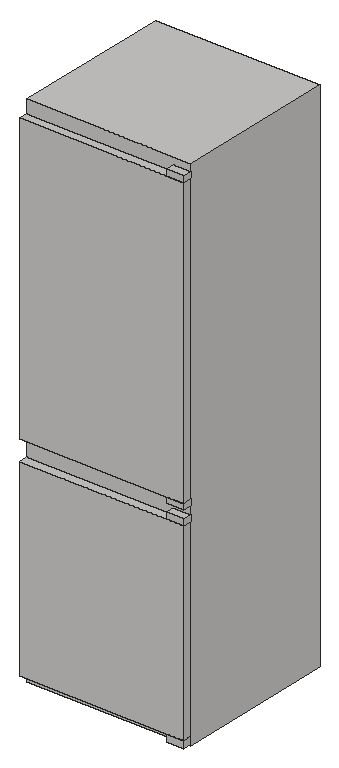
Revit family "RB280704", category Generic Models, Revit 2014
Parameters (values of type "RB280704")
  Width = 558 mm
  URL = "http://www.gaggenau.com."
  Model = "RB280704"
  Manufacturer = "Gaggenau"
  Height = 1772 mm
  Handle = Metal Panel
  Fridge = Metal Panel
  Door = Metal Panel
  Description = "Gaggenau 200 Series 24\" two-door bottom-mount freezer, fully integrated, Home Connect"
  Depth = 545 mm
Reference planes
  plane 1 "Center (Front/Back)": y = 0
  plane 2: z = 0
  plane 3 "Center (Left/Right)": x = 0
  plane 4: y = -419
  plane 5: y = -545
  plane 6: z = 731
  plane 7: z = 703
  plane 8: z = 6
  plane 9: z = 1747
  plane 10: z = 1772
Forms (mm)
  Extrusion 1, solid, material "Metal Panel" <- "Fridge"
    sketch origin (0, 0, 0) x (0, 1, 0) y (0, 0, 1)
      loop
        line (0, 1772) -> (-545, 1772) -> (-545, 0) -> (0, 0) -> (0, 1772)
    from -279 to 279
  Extrusion 2, solid, material "Metal Panel" <- "Fridge"
    sketch origin (0, -20, 0) x (1, 0, 0) y (0, 0, 1)
      loop
        line (-279, 30) -> (279, 30) -> (279, 683) -> (-279, 683) -> (-279, 30)
      loop
        line (-279, 1727) -> (-279, 751) -> (279, 751) -> (279, 1727) -> (-279, 1727)
    from 525 to 555
  Extrusion 3, solid, material "Metal Panel" <- "Fridge"
    sketch origin (0, 0, 0) x (1, 0, 0) y (0, 0, 1)
      loop
        line (279, 6) -> (279, 30) -> (219, 30) -> (219, 6) -> (279, 6)
      loop
        line (279, 683) -> (279, 703) -> (219, 703) -> (219, 683) -> (279, 683)
      loop
        line (279, 731) -> (279, 751) -> (219, 751) -> (219, 731) -> (279, 731)
      loop
        line (279, 1727) -> (279, 1747) -> (219, 1747) -> (219, 1727) -> (279, 1727)
    from 545 to 575
Dimensions and locks
  "Depth": plane 1 "Center (Front/Back)" to plane 5
  plane 6 to level = 731 mm
  plane 7 to level = 703 mm
  plane 7 to plane 8 = 697 mm
  plane 9 to plane 6 = 1016 mm
  plane 1 "Center (Front/Back)" to plane 5 = 545 mm
  plane 10 to level = 1772 mm
  plane 7 to Extrusion 2 sketch curve = 20 mm
  Extrusion 2 sketch curve to plane 6 = 20 mm
  aligned and locked: level to plane 2
  aligned and locked: plane 5 to Extrusion 1 sketch curve
Automatic sketch dimensions
  Extrusion 1 sketch curve to level = 0 mm
  Extrusion 1 sketch curve to plane 1 "Center (Front/Back)" = 0 mm
  plane 9 to Extrusion 1 sketch curve = 25 mm
  Extrusion 3 sketch curve to plane 9 = 0 mm
  Extrusion 3 sketch curve to plane 6 = 0 mm
  Extrusion 3 sketch curve to plane 7 = 0 mm
  plane 3 "Center (Left/Right)" to Extrusion 3 sketch curve = 219 mm  (x3)
  plane 8 to Extrusion 3 sketch curve = 0 mm
  plane 6 to Extrusion 3 sketch curve = 20 mm
  Extrusion 3 sketch curve to plane 7 = 20 mm
  Extrusion 3 sketch curve to Extrusion 3 sketch curve = 0 mm  (x2)
  Extrusion 3 sketch curve to Extrusion 3 sketch curve = 60 mm  (x3)
  plane 8 to Extrusion 3 sketch curve = 24 mm
  Extrusion 3 sketch curve to plane 9 = 20 mm
  plane 8 to Extrusion 2 sketch curve = 24 mm
  Extrusion 2 sketch curve to plane 3 "Center (Left/Right)" = 279 mm  (x2)
  Extrusion 2 sketch curve to plane 9 = 20 mm
  plane 3 "Center (Left/Right)" to Extrusion 2 sketch curve = 279 mm  (x2)
